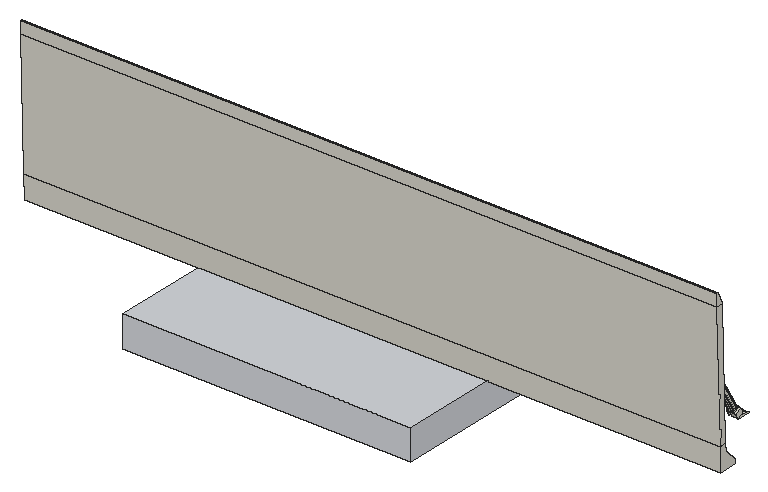
Revit family "S庇ポール付き", category 一般モデル, Revit 2020
Family settings
  ホスト = 面
  鉄筋をホスト可能 = いいえ
  丸型コネクタ寸法 = 直径を使用
  パーツ タイプ = 標準
  ロード時にボイドで切り取り = いいえ
  共有 = いいえ
  部屋計算ポイント = いいえ
Parameters
  警告：長さL [instance] = no
  警告：出幅D [instance] = no
  説明 = "スマートでスリムなデザインにより軽快感のあるシャープでシンプルな印象を与える形材庇です。施工性にも優れ、出幅サイズも豊富で10種類からお選びいただけます。"  # constant formula
  製造元 = "株式会社ツヅキ"  # constant formula
  色 = アルミニウム 6063S-T5 ステンカラー(T) (株)ツヅキ
  Default Elevation = 1219.2 mm
  断面図表記 = yes
  実L寸法 [instance] = 3000 mm
  実D寸法 [instance] = 700 mm
  基準サポートポール@ [instance] = if(ポール@1000mm, 1000 mm, if(ポール@1400mm, 1400 mm, 1600 mm))  # 1600 mm
  モデル = "グロンダート　Sシリーズ（サポートポール付）"  # constant formula
  ポール取付高さ [instance] = if(D = 1000 mm, 444 mm, if(D = 900 mm, 403 mm, if(D = 800 mm, 322 mm, if(D = 700 mm, 322 mm, 322 mm))))  # 322 mm
  ポール@1600mm [instance] = yes
  ポール@1400mm [instance] = no
  ポール@1000mm [instance] = no
  サポートポール数 [instance] = if(L < 基準サポートポール@ - 400 mm, 2, roundup((L - 400 mm) / 基準サポートポール@) + 1)  # 3
  サポートポール@ [instance] = (L - 400 mm) / (サポートポール数 - 1)  # 1300 mm
  URL = "https://tuzuki.co.jp/products/#gd"
  パネル長さ [instance] = D - 150 mm  # 550 mm
  L [instance] = if(実L寸法 > G, G, if(実L寸法 < 500 mm, 500 mm, 実L寸法))  # 3000 mm
  G [instance] = if(D > 1000 mm, 2300 mm, if(D > 900 mm, 2300 mm, if(D > 800 mm, 2600 mm, if(D > 700 mm, 2900 mm, 3200 mm))))  # 3200 mm
  D [instance] = if(実D寸法 > 1001 mm, 1000 mm, if(実D寸法 > 900 mm, 1000 mm, if(実D寸法 > 800 mm, 900 mm, if(実D寸法 > 700 mm, 800 mm, 700 mm))))  # 700 mm
  C [instance] = B * sin(30.00°)  # 257 mm
  B [instance] = if(D = 1000 mm, 739 mm, if(D = 900 mm, 664 mm, if(D = 800 mm, 514 mm, if(D = 700 mm, 514 mm, 514 mm))))  # 514 mm
Reference planes
  plane 1 "中心(正面/背面)": y = 0
  plane 2: z = 0
  plane 3 "中心(左/右)": x = 0
  plane 4: x = -1500
  plane 5: x = 1500
  plane 6: z = 700
  plane 7 "パネル根本": through (0, 24.718, 101.475) normal (0, 0.0349, -0.9994)
  plane 8 "パネル先端": through (0, -283.488, 641.052) normal (0, -0.0349, 0.9994)
  plane 9: y = 322
  plane 10: z = 21
  plane 11: z = 535
  plane 12: x = -1300
  plane 13: x = 0
Forms (mm)
  Extrusion 1, solid
    sketch origin (0, 0, 0) x (1, 0, 0) y (0, 1, 0)
      loop
        line (-750, 740) -> (-750, -443.908) -> (492.581, -443.908) -> (492.581, 740) -> (-750, 740)
    from 0 to -132.038
Dimensions and locks
  equal spacing: plane 4, plane 3 "中心(左/右)", plane 5
  "L": plane 4 to plane 5
  "D": plane 6 to level
  locked: plane 10 to level at 21
  "B": plane 10 to plane 11
  "パネル長さ": plane 7 "パネル根本" to plane 8 "パネル先端"
  "ポール取付高さ": plane 1 "中心(正面/背面)" to plane 9
  plane 4 to plane 12 = 200 mm
  equal spacing: group 1, group 2, group 3  (x3)
  "サポートポール@": plane 12 to plane 13
  aligned and locked: plane 2 to Extrusion 1
  aligned and locked: level to Extrusion 1
  aligned and locked: plane 4 to nested 1
  aligned and locked: plane 4 to nested 3
  aligned and locked: plane 7 "パネル根本" to nested 1
  aligned and locked: plane 8 "パネル先端" to nested 3
  aligned and locked: nested 4 to plane 9
  aligned and locked: plane 12 to nested 4
  aligned and locked: plane 13 to nested 5
Automatic sketch dimensions
  Extrusion 1 sketch curve to Extrusion 1 sketch curve = 1242.581 mm
  Extrusion 1 sketch curve to Extrusion 1 sketch curve = 1183.908 mm
Nested families
  nested 1: "吊元" at (0, 0, 0), type "吊元"
    with L 3000 mm
  nested 2: "パネル" at (0, -24.402, 99.761) x (-1, 0, 0) z (0, -0.0349, 0.9994), type "パネル"
    with L 3000 mm, D 550 mm
  nested 3: "先端部材" at (0, -43.597, 649.426) x (1, 0, 0) z (0, -0.0349, 0.9994), type "先端部材"
    with L 3000 mm
  nested 4: "Sサポートポール" at (-1300, -6.508, 535) x (1, 0, 0) z (0, 1, 0), type "Sサポートポール"
    with D 543.516 mm, C 514 mm, A 296.758 mm, B 593.516 mm
  nested 5: "Sサポートポール" at (0, -6.508, 535) x (1, 0, 0) z (0, 1, 0), type "Sサポートポール"
    with D 543.516 mm, C 514 mm, A 296.758 mm, B 593.516 mm
  nested 6: "Sサポートポール" at (1300, -6.508, 535) x (1, 0, 0) z (0, 1, 0), type "Sサポートポール"
    with D 543.516 mm, C 514 mm, A 296.758 mm, B 593.516 mm
  nested 7: "注意表示_F庇 ポール付き" at (65.812, -780.276, 0), type "F庇ポール付き D600-3000"
Definition of nested family "吊元"
  Parameters (values of type "吊元")
    色 = none
    Default Elevation = 1219.2 mm
    断面図表記 = yes
    L = 1800 mm
  Reference planes
    plane 1 "中心(正面/背面)": y = 0
    plane 2: z = 0
    plane 3 "中心(左/右)": x = 0
    plane 4: x = -900
    plane 5: x = 900
  Forms (mm)
    Extrusion 1, solid
      sketch origin (0, 0, 0) x (1, 0, 0) y (0, 1, 0)
        loop
          line (-1219.2, 1219.2) -> (-1219.2, -1219.2) -> (1219.2, -1219.2) -> (1219.2, 1219.2) -> (-1219.2, 1219.2)
      from 0 to -304.8
    Extrusion 2, solid, material <- "色"
      sketch origin (0, 0, 0) x (0, 1, 0) y (0, 0, 1)
        loop
          line (-11.909, 100.197) -> (-36.894, 99.325) -> (-33.427, 0) -> (39.62, 0) -> (38.843, 22.221) -> (-11.036, 75.213) -> (-11.909, 100.197)
      from -900 to 900
  Dimensions and locks
    equal spacing: plane 4, plane 3 "中心(左/右)", plane 5
    "L": plane 4 to plane 5
    aligned and locked: plane 2 to Extrusion 1
    aligned and locked: level to Extrusion 1
    aligned and locked: Extrusion 1 to import instance
    aligned and locked: plane 1 "中心(正面/背面)" to import instance
    aligned and locked: Extrusion 2 to plane 4
    aligned and locked: plane 5 to Extrusion 2
  Automatic sketch dimensions
    Extrusion 1 sketch curve to Extrusion 1 sketch curve = 2438.4 mm  (x2)
    Extrusion 2 sketch curve to level = 0 mm
    plane 1 "中心(正面/背面)" to Extrusion 2 sketch curve = 11.909 mm
    plane 1 "中心(正面/背面)" to Extrusion 2 sketch curve = 11.036 mm
    Extrusion 2 sketch curve to plane 1 "中心(正面/背面)" = 38.843 mm
    level to Extrusion 2 sketch curve = 22.221 mm
    Extrusion 2 sketch curve to Extrusion 2 sketch curve = 24.984 mm
    plane 1 "中心(正面/背面)" to Extrusion 2 sketch curve = 33.427 mm
    Extrusion 2 sketch curve to Extrusion 2 sketch curve = 24.985 mm
    Extrusion 2 sketch curve to Extrusion 2 sketch curve = 0.777 mm
    Extrusion 2 sketch curve to Extrusion 2 sketch curve = 0.872 mm
Definition of nested family "パネル"
  Parameters (values of type "パネル")
    色 = none
    Default Elevation = 1219.2 mm
    断面図表記 = yes
    L = 1800 mm
    D = 500 mm
  Reference planes
    plane 1 "中心(正面/背面)": y = 0
    plane 2: z = 0
    plane 3 "中心(左/右)": x = 0
    plane 4: z = 500
    plane 5: x = -900
    plane 6: x = 900
  Forms (mm)
    Extrusion 1, solid
      sketch origin (0, 0, 0) x (1, 0, 0) y (0, 1, 0)
        loop
          line (-1219.2, 1219.2) -> (-1219.2, -1219.2) -> (1219.2, -1219.2) -> (1219.2, 1219.2) -> (-1219.2, 1219.2)
      from 0 to -304.8
    Extrusion 2, solid, material <- "色"
      sketch origin (0, 0, 0) x (0, 1, 0) y (0, 0, 1)
        loop
          line (-12.495, 500) -> (-12.501, 0) -> (12.502, 0) -> (12.493, 500) -> (-12.495, 500)
      from -900 to 900
  Lines and regions (mm)
    model lines, visible <- "断面図表記"
      curve 1: line (0, -24.638, 0) -> (0, -25.871, 0)
      curve 2: line (0, -25.039, -0.4) -> (0, -25.039, 0.4)
  Dimensions and locks
    "D": plane 4 to level
    equal spacing: plane 5, plane 3 "中心(左/右)", plane 6
    "L": plane 5 to plane 6
    aligned and locked: plane 2 to Extrusion 1
    aligned and locked: level to Extrusion 1
    aligned and locked: import instance to Extrusion 1
    aligned and locked: plane 4 to Extrusion 2
    aligned and locked: Extrusion 2 to level
    aligned and locked: plane 6 to Extrusion 2
    aligned and locked: Extrusion 2 to plane 5
  Automatic sketch dimensions
    Extrusion 1 sketch curve to Extrusion 1 sketch curve = 2438.4 mm  (x2)
    curve 1 to level = 0 mm
    curve 2 to level = 0.4 mm
    curve 1 to curve 2 = 0.833 mm
    level to curve 2 = 0.4 mm
    curve 2 to curve 2 = 0 mm
    curve 2 to curve 1 = 0.4 mm
    plane 1 "中心(正面/背面)" to curve 1 = 25.871 mm
    Extrusion 2 sketch curve to level = 0 mm
    plane 1 "中心(正面/背面)" to Extrusion 2 sketch curve = 12.501 mm
    plane 1 "中心(正面/背面)" to Extrusion 2 sketch curve = 12.495 mm
    Extrusion 2 sketch curve to Extrusion 2 sketch curve = 0.009 mm
    Extrusion 2 sketch curve to plane 1 "中心(正面/背面)" = 12.493 mm
    Extrusion 2 sketch curve to Extrusion 2 sketch curve = 500 mm
    Extrusion 2 sketch curve to Extrusion 2 sketch curve = 0 mm
Definition of nested family "先端部材"
  Parameters (values of type "先端部材")
    色 = none
    Default Elevation = 1219.2 mm
    断面図表記 = yes
    L = 1800 mm
  Reference planes
    plane 1 "中心(正面/背面)": y = 0
    plane 2: z = 0
    plane 3 "中心(左/右)": x = 0
    plane 4: x = -900
    plane 5: x = 900
  Forms (mm)
    Extrusion 1, solid
      sketch origin (0, 0, 0) x (1, 0, 0) y (0, 1, 0)
        loop
          line (-1219.2, 1219.2) -> (-1219.2, -1219.2) -> (1219.2, -1219.2) -> (1219.2, 1219.2) -> (-1219.2, 1219.2)
      from 0 to -304.8
    Extrusion 2, solid, material <- "色"
      sketch origin (0, 0, 0) x (0, 1, 0) y (0, 0, 1)
        loop
          line (-12.501, 50) -> (-12.499, 0) -> (12.501, 0) -> (12.501, 5.001) -> (-6.5, 50) -> (-12.501, 50)
      from -900 to 900
  Dimensions and locks
    equal spacing: plane 4, plane 3 "中心(左/右)", plane 5
    "L": plane 4 to plane 5
    aligned and locked: plane 2 to Extrusion 1
    aligned and locked: level to Extrusion 1
    aligned and locked: Extrusion 1 to import instance
    aligned and locked: plane 5 to Extrusion 2
    aligned and locked: Extrusion 2 to plane 4
  Automatic sketch dimensions
    Extrusion 1 sketch curve to Extrusion 1 sketch curve = 2438.4 mm  (x2)
    plane 1 "中心(正面/背面)" to Extrusion 2 sketch curve = 6.5 mm
    level to Extrusion 2 sketch curve = 50 mm
    level to Extrusion 2 sketch curve = 0 mm
    plane 1 "中心(正面/背面)" to Extrusion 2 sketch curve = 12.499 mm
    Extrusion 2 sketch curve to Extrusion 2 sketch curve = 6 mm
    level to Extrusion 2 sketch curve = 5.001 mm
    Extrusion 2 sketch curve to plane 1 "中心(正面/背面)" = 12.501 mm
    Extrusion 2 sketch curve to Extrusion 2 sketch curve = 0 mm  (x2)
Definition of nested family "Sサポートポール"
  Parameters (values of type "Sサポートポール")
    色 = none
    Default Elevation = 0 mm
    断面図表示 = yes
    D = B - 25 mm - 25 mm  # 805 mm
    C = B * cos(30.00°)  # 740.452 mm
    A = B * sin(30.00°)  # 427.5 mm
    B = 855 mm
  Reference planes
    plane 1 "中心(正面/背面)": y = 0
    plane 2: z = 0
    plane 3 "中心(左/右)": x = 0
    plane 4: z = 427.5
    plane 5: y = 740.452
    plane 6 "パネル面": through (4267.2, -49.08, -22.353) normal (0, -0.0349, 0.9994)
    plane 7: through (4267.2, 4.513, 2.606) normal (0, -0.5, 0.866)
    plane 8: through (4267.2, 0, 0) normal (0, -0.866, -0.5)
    plane 9: through (4267.2, 21.65, 12.5) normal (0, -0.866, -0.5)
    plane 10: through (4267.2, 718.801, 415) normal (0, -0.866, -0.5)
    plane 11: through (4267.2, 740.451, 427.5) normal (0, -0.866, -0.5)
  Dimensions and locks
    "C": plane 1 "中心(正面/背面)" to plane 5
    "A": plane 4 to plane 2
    plane 8 to plane 9 = 25 mm
    plane 10 to plane 11 = 25 mm
    "B": plane 8 to plane 11
    aligned and locked: plane 2 to level
    aligned and locked: plane 3 "中心(左/右)" to nested 5
    aligned and locked: plane 3 "中心(左/右)" to nested 4
    aligned and locked: nested 5 to plane 8
    aligned and locked: plane 8 to nested 4
    aligned and locked: nested 5 to plane 9
    aligned and locked: nested 1 to plane 10
    aligned and locked: plane 11 to nested 2
    aligned and locked: plane 11 to nested 3
    aligned and locked: plane 10 to nested 2
  Nested families
    nested 1: "サポートポール(外)" at (0, 21.65, 12.5) x (0, -0.5, 0.866) z (0, 0.866, 0.5), type "サポートポール(外)"
      with ポール長さ 805 mm
    nested 2: "コ型ブラケット" at (0, 740.451, 427.5), type "コ型ブラケット"
    nested 3: "上部ブラケット" at (0, 740.451, 427.5), type "上部ブラケット"
    nested 4: "下部ブラケット" at (0, 0, 0), type "下部ブラケット"
    nested 5: "コ型ブラケット下" at (0, 0, 0), type "コ型ブラケット下"
  Definition of nested family "サポートポール(外)"
    Parameters (values of type "サポートポール(外)")
      色 = none
      Default Elevation = 1219.2 mm
      ポール長さ = 1500 mm
    Reference planes
      plane 1 "中心(正面/背面)": y = 0
      plane 2: z = 0
      plane 3 "中心(左/右)": x = 0
      plane 4: z = 1500
    Forms (mm)
      Extrusion 1, solid
        sketch origin (0, 0, 0) x (1, 0, 0) y (0, 1, 0)
          loop
            line (-1219.2, 1219.2) -> (-1219.2, -1219.2) -> (1219.2, -1219.2) -> (1219.2, 1219.2) -> (-1219.2, 1219.2)
        from 0 to -304.8
      Extrusion 2, solid, material <- "色"
        sketch origin (0, 0, 0) x (1, 0, 0) y (0, 1, 0)
          loop
            line (-8.747, 12.65) -> (-15.329, 1.25)
            arc (-15.329, 1.25) -> (-15.664, 0) -> (-15.329, -1.25) r 2.5
            line (-15.329, -1.25) -> (-8.747, -12.65)
            arc (-8.747, -12.65) -> (-7.832, -13.565) -> (-6.582, -13.9) r 2.5
            line (-6.582, -13.9) -> (6.582, -13.9)
            arc (6.582, -13.9) -> (7.832, -13.565) -> (8.747, -12.65) r 2.5
            line (8.747, -12.65) -> (15.329, -1.25)
            arc (15.329, -1.25) -> (15.664, 0) -> (15.329, 1.25) r 2.5
            line (15.329, 1.25) -> (8.747, 12.65)
            arc (8.747, 12.65) -> (7.832, 13.565) -> (6.582, 13.9) r 2.5
            line (6.582, 13.9) -> (-6.582, 13.9)
            arc (-6.582, 13.9) -> (-7.832, 13.565) -> (-8.747, 12.65) r 2.5
          loop
            line (-5.485, -9.5) -> (5.485, -9.5) -> (10.97, 0) -> (5.485, 9.5) -> (-5.485, 9.5) -> (-10.97, 0) -> (-5.485, -9.5)
        from 0 to 1500
    Dimensions and locks
      "ポール長さ": plane 4 to level
      aligned and locked: plane 2 to Extrusion 1
      aligned and locked: level to Extrusion 1
      aligned and locked: plane 4 to Extrusion 2
      aligned and locked: Extrusion 2 to level
    Automatic sketch dimensions
      Extrusion 1 sketch curve to Extrusion 1 sketch curve = 2438.4 mm  (x2)
      plane 1 "中心(正面/背面)" to Extrusion 2 sketch curve = 0 mm  (x4)
      Extrusion 2 sketch curve to plane 1 "中心(正面/背面)" = 1.25 mm  (x2)
      Extrusion 2 sketch curve to plane 3 "中心(左/右)" = 15.329 mm
      plane 1 "中心(正面/背面)" to Extrusion 2 sketch curve = 1.25 mm  (x2)
      Extrusion 2 sketch curve to Extrusion 2 sketch curve = 2.165 mm  (x6)
      Extrusion 2 sketch curve to Extrusion 2 sketch curve = 2.194 mm  (x2)
      Extrusion 2 sketch curve to plane 3 "中心(左/右)" = 8.747 mm  (x2)
      Extrusion 2 sketch curve to Extrusion 2 sketch curve = 1.097 mm  (x4)
      plane 3 "中心(左/右)" to Extrusion 2 sketch curve = 5.485 mm  (x2)
      Extrusion 2 sketch curve to Extrusion 2 sketch curve = 5.485 mm
      plane 1 "中心(正面/背面)" to Extrusion 2 sketch curve = 9.5 mm
      Extrusion 2 sketch curve to Extrusion 2 sketch curve = 1.9 mm  (x4)
      Extrusion 2 sketch curve to Extrusion 2 sketch curve = 1.25 mm  (x2)
      Extrusion 2 sketch curve to plane 1 "中心(正面/背面)" = 9.5 mm
  Definition of nested family "コ型ブラケット"
    Parameters (values of type "コ型ブラケット")
      色 = none
      Default Elevation = 0 mm
      断面図表記 = yes
    Reference planes
      plane 1 "中心(正面/背面)": y = 0
      plane 2: z = 0
      plane 3 "中心(左/右)": x = 0
      plane 4: x = -20
      plane 5: x = 20
      plane 6 "ブラケット上面": through (4267.2, -7, 12.124) normal (0, 0.5, -0.866)
      plane 7: through (4267.2, 15.66, -7.124) normal (0, 0.5, -0.866)
    Forms (mm)
      Extrusion 1, solid, material <- "色"
        sketch origin (0, -7, 12.124) x (0, 0.866025, 0.5) y (1, 0, 0)
          loop
            line (-25, 0) -> (-25, -14.009) -> (-20.54, -14.009) -> (-11.983, -20) -> (10, -20) -> (10, -16.7) -> (-10.496, -16.7) -> (-18.476, -9.727) -> (-21, -9.727) -> (-21, 0) -> (-21, 9.727) -> (-18.476, 9.727) -> (-10.496, 16.7) -> (10, 16.7) -> (10, 20) -> (-11.983, 20) -> (-20.54, 14.009) -> (-25, 14.009) -> (-25, 0)
        from 0 to 28
      Extrusion 2, void
        sketch origin (0, 0, 0) x (0, 1, 0) y (0, 0, 1)
          loop
            circle (0, 0) r 4.25
        from -20 to 20
    Cuts and joins
      Extrusion 2 cuts Extrusion 1
    Dimensions and locks
      equal spacing: plane 4, plane 3 "中心(左/右)", plane 5
      plane 4 to plane 5 = 40 mm
      aligned and locked: level to plane 2
    Automatic sketch dimensions
      Extrusion 2 sketch curve to level = 0 mm
      Extrusion 2 sketch curve to plane 1 "中心(正面/背面)" = 0 mm
      Extrusion 1 sketch curve to plane 3 "中心(左/右)" = 0 mm  (x2)
      Extrusion 1 sketch curve to plane 4 = 0 mm
      Extrusion 1 sketch curve to plane 5 = 0 mm
      Extrusion 1 sketch curve to Extrusion 1 sketch curve = 4 mm
      Extrusion 1 sketch curve to Extrusion 1 sketch curve = 0.46 mm  (x2)
      Extrusion 1 sketch curve to Extrusion 1 sketch curve = 2.524 mm  (x2)
      Extrusion 1 sketch curve to Extrusion 1 sketch curve = 8.557 mm  (x2)
      plane 4 to Extrusion 1 sketch curve = 3.3 mm
      Extrusion 1 sketch curve to Extrusion 1 sketch curve = 1.487 mm  (x2)
      Extrusion 1 sketch curve to Extrusion 1 sketch curve = 20.496 mm  (x2)
      Extrusion 1 sketch curve to plane 5 = 3.3 mm
      plane 4 to Extrusion 1 sketch curve = 5.991 mm
      Extrusion 1 sketch curve to Extrusion 1 sketch curve = 4.282 mm  (x2)
      plane 3 "中心(左/右)" to Extrusion 1 sketch curve = 9.727 mm
      radius of Extrusion 2 sketch curve = 4.25 mm
  Definition of nested family "上部ブラケット"
    Parameters (values of type "上部ブラケット")
      色 = none
      Default Elevation = 0 mm
      断面図表記 = yes
    Reference planes
      plane 1 "中心(正面/背面)": y = 0
      plane 2: z = 0
      plane 3 "中心(左/右)": x = 0
      plane 4: x = -16.5
      plane 5: x = 16.5
    Forms (mm)
      Extrusion 1, solid, material <- "色"
        sketch origin (0, 0, 0) x (0, 1, 0) y (0, 0, 1)
          loop
            line (13.5, 17.75) -> (-4.253, 7.069)
            arc (-4.253, 7.069) -> (-7.134, -4.143) -> (4.033, -7.197) r 8.25
            line (4.033, -7.197) -> (20, 1.75) -> (20, 9.75) -> (21, 9.75) -> (21, 49.75) -> (20, 49.75) -> (20, 51.75) -> (18.5, 51.75)
            arc (18.5, 51.75) -> (14.964, 50.286) -> (13.5, 46.75) r 5
            line (13.5, 46.75) -> (13.5, 17.75)
        from -16.5 to 16.5
    Dimensions and locks
      equal spacing: plane 4, plane 3 "中心(左/右)", plane 5
      plane 4 to plane 5 = 33 mm
      aligned and locked: level to plane 2
      aligned and locked: level to import instance
      aligned and locked: Extrusion 1 to plane 4
      aligned and locked: plane 5 to Extrusion 1
    Automatic sketch dimensions
      Extrusion 1 sketch curve to level = 0 mm
      Extrusion 1 sketch curve to plane 1 "中心(正面/背面)" = 0 mm
      plane 1 "中心(正面/背面)" to Extrusion 1 sketch curve = 4.253 mm
      Extrusion 1 sketch curve to plane 1 "中心(正面/背面)" = 4.033 mm
      Extrusion 1 sketch curve to plane 1 "中心(正面/背面)" = 13.5 mm
      Extrusion 1 sketch curve to Extrusion 1 sketch curve = 5 mm
      Extrusion 1 sketch curve to Extrusion 1 sketch curve = 6.5 mm
      Extrusion 1 sketch curve to Extrusion 1 sketch curve = 1.5 mm
      Extrusion 1 sketch curve to Extrusion 1 sketch curve = 1 mm
      Extrusion 1 sketch curve to level = 7.197 mm
      level to Extrusion 1 sketch curve = 1.75 mm
      Extrusion 1 sketch curve to Extrusion 1 sketch curve = 8 mm  (x2)
      Extrusion 1 sketch curve to Extrusion 1 sketch curve = 29 mm
      Extrusion 1 sketch curve to Extrusion 1 sketch curve = 2 mm
  Definition of nested family "下部ブラケット"
    Parameters (values of type "下部ブラケット")
      色 = none
      Default Elevation = 0 mm
      断面図表記 = yes
    Reference planes
      plane 1 "中心(正面/背面)": y = 0
      plane 2: z = 0
      plane 3 "中心(左/右)": x = 0
      plane 4: x = -16.5
      plane 5: x = 16.5
    Forms (mm)
      Extrusion 1, solid, material <- "色"
        sketch origin (0, 0, 0) x (0, 1, 0) y (0, 0, 1)
          loop
            arc (4.588, -6.857) -> (6.802, 4.668) -> (-4.749, 6.746) r 8.25
            line (-4.749, 6.746) -> (-12.352, 1.394) -> (-34.525, -14.214) -> (-60.509, -15.121)
            arc (-60.509, -15.121) -> (-63.295, -16.391) -> (-64.367, -19.258) r 4
            line (-64.367, -19.258) -> (-64.297, -21.257) -> (-62.299, -21.187) -> (-62.264, -22.186) -> (-22.288, -20.791) -> (-22.323, -19.791) -> (-14.328, -19.512) -> (-4.084, -12.659) -> (4.588, -6.857)
        from -16.5 to 16.5
    Dimensions and locks
      equal spacing: plane 4, plane 3 "中心(左/右)", plane 5
      plane 4 to plane 5 = 33 mm
      aligned and locked: level to plane 2
      aligned and locked: Extrusion 1 to plane 4
      aligned and locked: plane 5 to Extrusion 1
    Automatic sketch dimensions
      Extrusion 1 sketch curve to level = 0 mm
      Extrusion 1 sketch curve to plane 1 "中心(正面/背面)" = 0 mm
      plane 1 "中心(正面/背面)" to Extrusion 1 sketch curve = 4.084 mm
      plane 1 "中心(正面/背面)" to Extrusion 1 sketch curve = 4.749 mm
      level to Extrusion 1 sketch curve = 1.394 mm
      Extrusion 1 sketch curve to Extrusion 1 sketch curve = 7.603 mm
      Extrusion 1 sketch curve to Extrusion 1 sketch curve = 18.204 mm
      Extrusion 1 sketch curve to level = 19.791 mm
      Extrusion 1 sketch curve to Extrusion 1 sketch curve = 0.035 mm  (x2)
      Extrusion 1 sketch curve to level = 14.214 mm
      Extrusion 1 sketch curve to Extrusion 1 sketch curve = 12.202 mm
      Extrusion 1 sketch curve to level = 15.121 mm
      Extrusion 1 sketch curve to Extrusion 1 sketch curve = 0.14 mm
      Extrusion 1 sketch curve to Extrusion 1 sketch curve = 1.894 mm
      Extrusion 1 sketch curve to level = 19.258 mm
      Extrusion 1 sketch curve to Extrusion 1 sketch curve = 2.103 mm
      Extrusion 1 sketch curve to plane 1 "中心(正面/背面)" = 4.588 mm
      Extrusion 1 sketch curve to Extrusion 1 sketch curve = 0.999 mm
      Extrusion 1 sketch curve to level = 12.659 mm
      Extrusion 1 sketch curve to level = 6.857 mm
      Extrusion 1 sketch curve to Extrusion 1 sketch curve = 7.995 mm
      Extrusion 1 sketch curve to Extrusion 1 sketch curve = 1.999 mm
  Definition of nested family "コ型ブラケット下"
    Parameters (values of type "コ型ブラケット下")
      色 = none
      Default Elevation = 0 mm
      断面図表記 = yes
    Reference planes
      plane 1 "中心(正面/背面)": y = 0
      plane 2: z = 0
      plane 3 "中心(左/右)": x = 0
      plane 4: x = -20
      plane 5: x = 20
      plane 6 "ブラケット上面": through (4267.2, -7, 12.124) normal (0, 0.5, -0.866)
      plane 7: through (4267.2, 15.66, -7.124) normal (0, 0.5, -0.866)
    Forms (mm)
      Extrusion 1, solid, material <- "色"
        sketch origin (0, 7, -12.124) x (0, -0.866025, -0.5) y (1, 0, 0)
          loop
            line (-25, 0) -> (-25, -14.009) -> (-20.54, -14.009) -> (-11.983, -20) -> (10, -20) -> (10, -16.7) -> (-10.496, -16.7) -> (-18.476, -9.727) -> (-21, -9.727) -> (-21, 0) -> (-21, 9.727) -> (-18.476, 9.727) -> (-10.496, 16.7) -> (10, 16.7) -> (10, 20) -> (-11.983, 20) -> (-20.54, 14.009) -> (-25, 14.009) -> (-25, 0)
        from 0 to 28
      Extrusion 2, void
        sketch origin (0, 0, 0) x (0, 1, 0) y (0, 0, 1)
          loop
            circle (0, 0) r 4.25
        from -20 to 20
    Cuts and joins
      Extrusion 2 cuts Extrusion 1
    Dimensions and locks
      equal spacing: plane 4, plane 3 "中心(左/右)", plane 5
      plane 4 to plane 5 = 40 mm
      aligned and locked: level to plane 2
    Automatic sketch dimensions
      Extrusion 2 sketch curve to level = 0 mm
      Extrusion 2 sketch curve to plane 1 "中心(正面/背面)" = 0 mm
      Extrusion 1 sketch curve to plane 3 "中心(左/右)" = 0 mm  (x2)
      Extrusion 1 sketch curve to plane 4 = 0 mm
      Extrusion 1 sketch curve to plane 5 = 0 mm
      Extrusion 1 sketch curve to Extrusion 1 sketch curve = 4 mm
      Extrusion 1 sketch curve to Extrusion 1 sketch curve = 0.46 mm  (x2)
      plane 4 to Extrusion 1 sketch curve = 5.991 mm
      Extrusion 1 sketch curve to plane 3 "中心(左/右)" = 9.727 mm
      Extrusion 1 sketch curve to Extrusion 1 sketch curve = 2.524 mm  (x2)
      plane 3 "中心(左/右)" to Extrusion 1 sketch curve = 9.727 mm
      Extrusion 1 sketch curve to Extrusion 1 sketch curve = 8.557 mm  (x2)
      Extrusion 1 sketch curve to Extrusion 1 sketch curve = 1.487 mm  (x2)
      Extrusion 1 sketch curve to Extrusion 1 sketch curve = 20.496 mm  (x2)
      Extrusion 1 sketch curve to plane 5 = 3.3 mm
      Extrusion 1 sketch curve to Extrusion 1 sketch curve = 3.3 mm
      Extrusion 1 sketch curve to Extrusion 1 sketch curve = 4.282 mm
      radius of Extrusion 2 sketch curve = 4.25 mm
Definition of nested family "注意表示_F庇 ポール付き"
  Parameters (values of type "F庇ポール付き D600-3000")
    警告文表示 = if(or(警告：出幅D, 警告：長さL, 警告3, 警告4, 警告5, 警告6), "【警告事項】", "")  # ""
    警告文2表示 = if(or(警告：出幅D, 警告：長さL, 警告3, 警告4, 警告5, 警告6), "ご不明な点につきましては弊社までお問い合わせください。", "")  # ""
    警告文1表示 = if(or(警告：出幅D, 警告：長さL, 警告3, 警告4, 警告5, 警告6), "庇L寸法が15000mmを超える場合は10mmのシーリング目地を設けて2分割としてください。", "")  # ""
    警告6 = no
    警告5 = no
    警告4 = no
    警告：出幅D = no
    警告3 = no
    警告：長さL = no
    注意文表示 = "【注意喚起】"  # constant formula
    注意文4 = "　　ご不明な点につきましては弊社までお問い合わせください。※※"  # constant formula
    注意文3 = "※※強度計算は物件ごとに行っております。ポール位置などモデルと異なる場合がございます。"  # constant formula
    注意文2 = "製作および取付不可能なオブジェクトが作成される恐れがございます。"  # constant formula
    注意文1 = "モデルの作成につきまして、適切な数値をご入力いただけない場合、"  # constant formula
    パラメーター6 = if(警告6, "", "")  # ""
    パラメーター5 = if(警告5, "", "")  # ""
    パラメーター4 = if(警告4, "", "")  # ""
    パラメーター3 = if(警告3, "", "")  # ""
    パラメーター2 = if(警告3, "", "")  # ""
    パラメーター1 = if(警告：長さL, "", "")  # ""
  Reference planes
    plane 1: y = 0
    plane 2: x = 0
  Text (mm)
    label "注意文表示\n注意文1\n注意文2\n注意文3\n注意文4\n警告文表示\n警告文1表示\n警告文2表示\nパラメーター1\nパラメーター2\nパラメーター3\nパラメーター4\nパラメーター5\nパラメーター6" at (-24.99, 13.041, 0), shows "注意文表示", "注意文1", "注意文2", "注意文3", "注意文4", "警告文表示", "警告文1表示", "警告文2表示", "パラメーター1", "パラメーター2", "パラメーター3", "パラメーター4", "パラメーター5", "パラメーター6"
